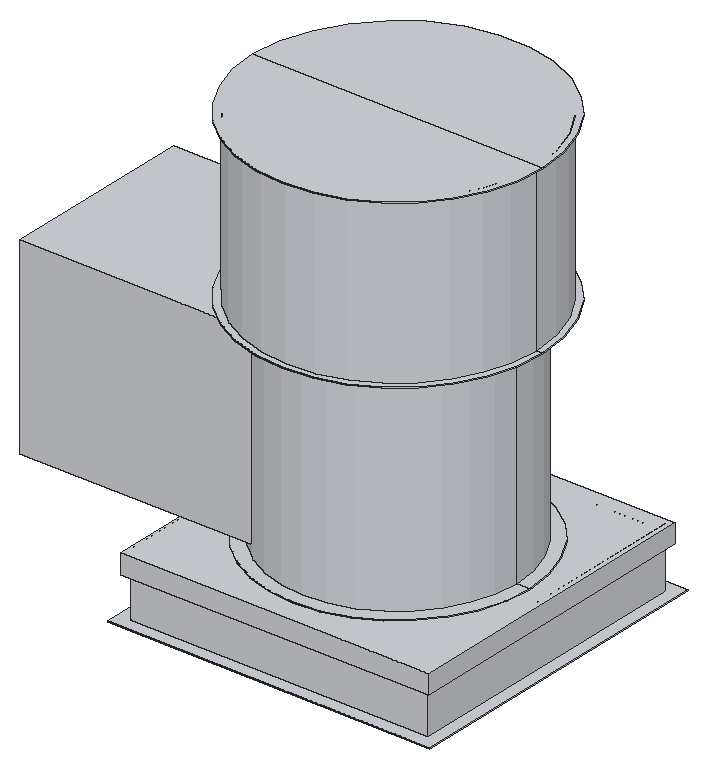
Revit family "AFB-S_Roof_Exhauster", category Mechanical Equipment, Revit 2019
Family settings
  Round Connector Dimension = Use Diameter
  Part Type = Normal
  Work Plane-Based = No
  Always vertical = Yes
  Cut with Voids When Loaded = No
  Shared = No
  Room Calculation Point = No
Parameters (values of type "36_AFB-S_ROOF_EXHAUSTER")
  Unit Weight [instance] = ""
  UP_A-E-3" = UP_A - E - 0' 3"  # 2' - 2"
  UP_A = 5' - 3"
  T_SQ = 4' - 0"
  RO/2 = RO / 2  # 1' - 9 3/4"
  RO = T_SQ - 0' 4 1/2"  # 3' - 7 1/2"
  ModelID [instance] = ""
  L/2 = L / 2  # 1' - 3 17/32"
  L = 2' - 7 1/16"
  K/2 = K / 2  # 0' - 0 7/32"
  K = 0' - 0 7/16"
  J/2 = J / 2  # 1' - 9 31/32"
  CURB_HEIGHT [instance] = 0' - 9 1/2"
  CURB [instance] = yes
  B/2*1.1 = B / 2 * 1.1  # 1' - 10.75625"
  Accessories [instance] = ""
  45 = 45.00°  # constant formula
  (T_SQ+.125")/2 = (T_SQ + 0' 0 1/4") / 2  # 2' - 0 1/8"
  (L-1")/2 = (L - 0' 1") / 2  # 1' - 3 1/32"
  (J+(J-A))/2 = (J + ((J - A) / 2)) / 2  # 1' - 11 45/64"
  J = 3' - 7 15/16"
  CENTER = 0' - 0"  # constant formula
  H-(A/2) = H - (A / 2)  # 2' - 4 3/4"
  H+J = H + CENTER  # 3' - 11 1/4"
  H = 3' - 11 1/4"
  Sones [instance] = ""
  Motor RPM [instance] = ""
  Motor Enclosure [instance] = ""
  LwA [instance] = ""
  G = 6' - 0"
  Fan RPM [instance] = ""
  F/2 = F / 2  # 0' - 0 7/32"
  F = 0' - 0 7/16"
  E/2 = E / 2  # 1' - 5"
  E-2" = E - 0' 2"  # 2' - 8"
  E = 2' - 10"
  C/2+J = C / 2 + CENTER  # 1' - 7 1/2"
  C/2 = C / 2  # 1' - 7 1/2"
  C = 3' - 3"
  B/2 = B / 2  # 1' - 8 11/16"
  B = 3' - 5 3/8"
  A/3 = A / 2.5  # 1' - 2.8"
  A/2 = A / 2  # 1' - 6 1/2"
  A = 3' - 1"
  60 = 60.00°  # constant formula
  30 = 30.00°  # constant formula
  3" = 0' - 3"  # constant formula
  Brake Hp [instance] = ""
  4" = 0' - 4"  # constant formula
  2' = 2' - 0"
  2" = 0' - 2"  # constant formula
  1" = 0' - 1"  # constant formula
  0 = 0' - 0"  # constant formula
  Voltage [instance] = 0 V
  URL = "www.lorencook.com"
  Type Comments = "Tube Axial Fan Stainless Steel Construction Roof Exhauster Belt Drive Arrangement 9"  # constant formula
  Static Pressure [instance] = 0.00 in-wg
  Power [instance] = Voltage * Motor FLA * sqrt(if(Phase = 3, 3, 1))  # 0 VA
  Phase [instance] = 0
  Number of Poles [instance] = 1
  Motor Hp [instance] = "0"
  Motor FLA [instance] = 0 A
  Model = "AFB-S"  # constant formula
  Manufacturer = "Loren Cook Company"
  CFM [instance] = 0 CFM
  1.5 = 0' - 1 1/2"  # constant formula
  ONE EIGTH = 0' - 0 1/8"  # constant formula
  -E/2 = -E / 2  # -1' - 5"
  -(E-.25")/2 = -(E - 0' 0 1/4") / 2  # -1' - 4 7/8"
  (K/2)-((J-A-.25")/2) = (K / 2) - ((J - A - 0' 0 1/4") / 2)  # -0' - 3 1/8"
  (J-A-.25") = (J - A - 0' 0 1/4")  # 0' - 6 11/16"
  (H-(A/2))/2 = (H - (A / 2)) / 2  # 1' - 2 3/8"
  (E-.25")/2 = (E - 0' 0 1/4") / 2  # 1' - 4 7/8"
  (A+.25")/2 = (A + 0' 0 1/4") / 2  # 1' - 6 5/8"
Types (10): name | UP_A-E-3" | UP_A | T_SQ | RO/2 | RO | L/2 | L | K/2 | K | J/2 | B/2*1.1 | (T_SQ+.125")/2 | (L-1")/2 | (J+(J-A))/2 | J | H-(A/2) | H+J | H | F/2 | F | E/2 | E-2" | E | C/2+J | C/2 | C | B/2 | B | A/3 | A/2 | A | -E/2 | -(E-.25")/2 | (K/2)-((J-A-.25")/2) | (J-A-.25") | (H-(A/2))/2 | (E-.25")/2 | (A+.25")/2
  (no name) | 2' - 2" | 5' - 3" | 4' - 0" | 1' - 9 3/4" | 3' - 7 1/2" | 1' - 3 17/32" | 2' - 7 1/16" | 0' - 0 7/32" | 0' - 0 7/16" | 1' - 9 31/32" | 1' - 10.75625" | 2' - 0 1/8" | 1' - 3 1/32" | 1' - 11 45/64" | 3' - 7 15/16" | 2' - 4 3/4" | 3' - 11 1/4" | 3' - 11 1/4" | 0' - 0 7/32" | 0' - 0 7/16" | 1' - 5" | 2' - 8" | 2' - 10" | 1' - 7 1/2" | 1' - 7 1/2" | 3' - 3" | 1' - 8 11/16" | 3' - 5 3/8" | 1' - 2.8" | 1' - 6 1/2" | 3' - 1" | -1' - 5" | -1' - 4 7/8" | -0' - 3 1/8" | 0' - 6 11/16" | 1' - 2 3/8" | 1' - 4 7/8" | 1' - 6 5/8"
  12_AFB-S_ROOF_EXHAUSTER | 0' - 11" | 3' - 0" | 1' - 10" | 0' - 8 3/4" | 1' - 5 1/2" | 0' - 6 3/8" | 1' - 0 3/4" | 0' - 0 3/16" | 0' - 0 3/8" | 0' - 9 1/32" | 0' - 8 19/32" | 0' - 11 1/8" | 0' - 5 7/8" | 0' - 10 21/64" | 1' - 6 1/16" | 1' - 6 3/16" | 2' - 0 5/8" | 2' - 0 5/8" | 0' - 0 5/32" | 0' - 0 5/16" | 0' - 11" | 1' - 8" | 1' - 10" | 0' - 7 5/16" | 0' - 7 5/16" | 1' - 2 5/8" | 0' - 7 13/16" | 1' - 3 5/8" | 0' - 5.15" | 0' - 6 7/16" | 1' - 0 7/8" | -0' - 11" | -0' - 10 7/8" | -0' - 2 9/32" | 0' - 4 15/16" | 0' - 9 3/32" | 0' - 10 7/8" | 0' - 6 9/16"
  16_AFB-S_ROOF_EXHAUSTER | 0' - 11" | 3' - 3" | 2' - 2" | 0' - 10 3/4" | 1' - 9 1/2" | 0' - 7 13/16" | 1' - 3 5/8" | 0' - 0 3/16" | 0' - 0 3/8" | 0' - 11 1/32" | 0' - 10.79375" | 1' - 1 1/8" | 0' - 7 5/16" | 1' - 0 21/64" | 1' - 10 1/16" | 1' - 9 11/16" | 2' - 6 1/8" | 2' - 6 1/8" | 0' - 0 5/32" | 0' - 0 5/16" | 1' - 0 1/2" | 1' - 11" | 2' - 1" | 0' - 9 5/16" | 0' - 9 5/16" | 1' - 6 5/8" | 0' - 9 13/16" | 1' - 7 5/8" | 0' - 6 3/4" | 0' - 8 7/16" | 1' - 4 7/8" | -1' - 0 1/2" | -1' - 0 3/8" | -0' - 2 9/32" | 0' - 4 15/16" | 0' - 10 27/32" | 1' - 0 3/8" | 0' - 8 9/16"
  18_AFB-S_ROOF_EXHAUSTER | 1' - 7" | 3' - 11" | 2' - 4" | 0' - 11 3/4" | 1' - 11 1/2" | 0' - 8 1/2" | 1' - 5" | 0' - 0 3/16" | 0' - 0 3/8" | 1' - 0 1/32" | 0' - 11.89375" | 1' - 2 1/8" | 0' - 8" | 1' - 1 21/64" | 2' - 0 1/16" | 1' - 9 11/16" | 2' - 7 1/8" | 2' - 7 1/8" | 0' - 0 5/32" | 0' - 0 5/16" | 1' - 0 1/2" | 1' - 11" | 2' - 1" | 0' - 10 5/16" | 0' - 10 5/16" | 1' - 8 5/8" | 0' - 10 13/16" | 1' - 9 5/8" | 0' - 7.55" | 0' - 9 7/16" | 1' - 6 7/8" | -1' - 0 1/2" | -1' - 0 3/8" | -0' - 2 9/32" | 0' - 4 15/16" | 0' - 10 27/32" | 1' - 0 3/8" | 0' - 9 9/16"
  24_AFB-S_ROOF_EXHAUSTER | 1' - 8" | 4' - 6" | 3' - 0" | 1' - 3 3/4" | 2' - 7 1/2" | 0' - 10 7/8" | 1' - 9 3/4" | 0' - 0 3/16" | 0' - 0 3/8" | 1' - 3 13/32" | 1' - 4.01875" | 1' - 6 1/8" | 0' - 10 3/8" | 1' - 4 57/64" | 2' - 6 13/16" | 2' - 3 7/16" | 3' - 3 7/8" | 3' - 3 7/8" | 0' - 0 7/32" | 0' - 0 7/16" | 1' - 3 1/2" | 2' - 5" | 2' - 7" | 1' - 1 7/16" | 1' - 1 7/16" | 2' - 2 7/8" | 1' - 2 9/16" | 2' - 5 1/8" | 0' - 9.95" | 1' - 0 7/16" | 2' - 0 7/8" | -1' - 3 1/2" | -1' - 3 3/8" | -0' - 2 21/32" | 0' - 5 11/16" | 1' - 1 23/32" | 1' - 3 3/8" | 1' - 0 9/16"
  28_AFB-S_ROOF_EXHAUSTER | 1' - 8" | 4' - 6" | 3' - 6" | 1' - 6 3/4" | 3' - 1 1/2" | 1' - 0 5/16" | 2' - 0 5/8" | 0' - 0 3/16" | 0' - 0 3/8" | 1' - 5 13/32" | 1' - 6 7/32" | 1' - 9 1/8" | 0' - 11 13/16" | 1' - 6 57/64" | 2' - 10 13/16" | 2' - 3 7/16" | 3' - 5 7/8" | 3' - 5 7/8" | 0' - 0 7/32" | 0' - 0 7/16" | 1' - 3 1/2" | 2' - 5" | 2' - 7" | 1' - 3 7/16" | 1' - 3 7/16" | 2' - 6 7/8" | 1' - 4 9/16" | 2' - 9 1/8" | 0' - 11.55" | 1' - 2 7/16" | 2' - 4 7/8" | -1' - 3 1/2" | -1' - 3 3/8" | -0' - 2 21/32" | 0' - 5 11/16" | 1' - 1 23/32" | 1' - 3 3/8" | 1' - 2 9/16"
  32_AFB-S_ROOF_EXHAUSTER | 2' - 2" | 5' - 3" | 3' - 6" | 1' - 6 3/4" | 3' - 1 1/2" | 1' - 2 1/8" | 2' - 4 1/4" | 0' - 0 7/32" | 0' - 0 7/16" | 1' - 7 31/32" | 1' - 8.4875" | 1' - 9 1/8" | 1' - 1 5/8" | 1' - 9 45/64" | 3' - 3 15/16" | 2' - 4 3/4" | 3' - 9 1/4" | 3' - 9 1/4" | 0' - 0 7/32" | 0' - 0 7/16" | 1' - 5" | 2' - 8" | 2' - 10" | 1' - 5 1/2" | 1' - 5 1/2" | 2' - 11" | 1' - 6 5/8" | 3' - 1 1/4" | 1' - 1.2" | 1' - 4 1/2" | 2' - 9" | -1' - 5" | -1' - 4 7/8" | -0' - 3 1/8" | 0' - 6 11/16" | 1' - 2 3/8" | 1' - 4 7/8" | 1' - 4 5/8"
  36_AFB-S_ROOF_EXHAUSTER | 2' - 2" | 5' - 3" | 4' - 0" | 1' - 9 3/4" | 3' - 7 1/2" | 1' - 3 17/32" | 2' - 7 1/16" | 0' - 0 7/32" | 0' - 0 7/16" | 1' - 9 31/32" | 1' - 10.75625" | 2' - 0 1/8" | 1' - 3 1/32" | 1' - 11 45/64" | 3' - 7 15/16" | 2' - 4 3/4" | 3' - 11 1/4" | 3' - 11 1/4" | 0' - 0 7/32" | 0' - 0 7/16" | 1' - 5" | 2' - 8" | 2' - 10" | 1' - 7 1/2" | 1' - 7 1/2" | 3' - 3" | 1' - 8 11/16" | 3' - 5 3/8" | 1' - 2.8" | 1' - 6 1/2" | 3' - 1" | -1' - 5" | -1' - 4 7/8" | -0' - 3 1/8" | 0' - 6 11/16" | 1' - 2 3/8" | 1' - 4 7/8" | 1' - 6 5/8"
  14_AFB-S_ROOF_EXHAUSTER | 0' - 11" | 3' - 0" | 1' - 10" | 0' - 8 3/4" | 1' - 5 1/2" | 0' - 7 3/32" | 1' - 2 3/16" | 0' - 0 3/16" | 0' - 0 3/8" | 0' - 10 1/32" | 0' - 9.72813" | 0' - 11 1/8" | 0' - 6 19/32" | 0' - 11 21/64" | 1' - 8 1/16" | 1' - 6 3/16" | 2' - 1 5/8" | 2' - 1 5/8" | 0' - 0 5/32" | 0' - 0 5/16" | 0' - 11" | 1' - 8" | 1' - 10" | 0' - 8 5/16" | 0' - 8 5/16" | 1' - 4 5/8" | 0' - 8 27/32" | 1' - 5 11/16" | 0' - 5.95" | 0' - 7 7/16" | 1' - 2 7/8" | -0' - 11" | -0' - 10 7/8" | -0' - 2 9/32" | 0' - 4 15/16" | 0' - 9 3/32" | 0' - 10 7/8" | 0' - 7 9/16"
  20_AFB-S_ROOF_EXHAUSTER | 1' - 8" | 4' - 6" | 3' - 0" | 1' - 3 3/4" | 2' - 7 1/2" | 0' - 9 5/16" | 1' - 6 5/8" | 0' - 0 3/16" | 0' - 0 3/8" | 1' - 1 5/32" | 1' - 1.02812" | 1' - 6 1/8" | 0' - 8 13/16" | 1' - 2 33/64" | 2' - 2 5/16" | 1' - 9 11/16" | 2' - 8 1/8" | 2' - 8 1/8" | 0' - 0 5/32" | 0' - 0 5/16" | 1' - 3 1/2" | 2' - 5" | 2' - 7" | 0' - 11 3/16" | 0' - 11 3/16" | 1' - 10 3/8" | 0' - 11 27/32" | 1' - 11 11/16" | 0' - 8.35" | 0' - 10 7/16" | 1' - 8 7/8" | -1' - 3 1/2" | -1' - 3 3/8" | -0' - 2 13/32" | 0' - 5 3/16" | 0' - 10 27/32" | 1' - 3 3/8" | 0' - 10 9/16"
Reference planes (in)
  plane 1 "Center (Front/Back)": y = 0
  plane 2: z = 0
  plane 3 "Center (Left/Right)": x = 0.40541
Forms (in)
  Revolve 1, solid
    sketch origin (0, 0, 0) x (1, 0, 0) y (0, 0, 1)
      loop
        line (0.40541, 3) -> (21.09291, 3) -> (21.09291, 3.125) -> (19.03041, 3.125) -> (19.03041, 36.875) -> (21.09291, 36.875) -> (21.09291, 37) -> (0.40541, 37) -> (0.40541, 3)
      axis (0.40541, 3) -> (0.40541, 37)
    angle from 0 to 360
  Extrusion 2, solid
    sketch origin (0.40541, 0, 36.875) x (1, 0, 0) y (0, -1, 0)
      loop
        arc (-10.99782, -15.03125) -> (-18.625, 0) -> (-10.99782, 15.03125) r 18.625
        line (-10.99782, 15.03125) -> (-47.25, 15.03125) -> (-47.25, -15.03125) -> (-10.99782, -15.03125)
    from 32 <- "E-2"" to 2
  Extrusion 3, void
    sketch origin (0, 0, 0) x (1, 0, 0) y (0, 1, 0)
      loop
        circle (0.40541, 0) r 0.125
    from -17 <- "-E/2" to 17 <- "E/2"
  Extrusion 4, solid
    sketch origin (0, 0, 0) x (1, 0, 0) y (0, 1, 0)
      loop
        line (-23.71959, 24.125) -> (-23.71959, -24.125) -> (24.53041, -24.125) -> (24.53041, 24.125) -> (-23.71959, 24.125)
    from 0 to 3
  Extrusion 5, void
    sketch origin (0, 0, 0) x (1, 0, 0) y (0, 1, 0)
      loop
        line (-23.59459, 24) -> (-23.59459, -24) -> (24.40541, -24) -> (24.40541, 24) -> (-23.59459, 24)
    from 0 to 2.875
  Revolve 6, solid
    sketch origin (0, 0, 0) x (1, 0, 0) y (0, 0, 1)
      loop
        line (0.40541, 36.875) -> (23.16166, 36.875) -> (23.16166, 37) -> (22.16166, 37) -> (22.16166, 62.875) -> (23.16166, 62.875) -> (23.16166, 63) -> (0.40541, 63) -> (0.40541, 36.875)
      axis (0.40541, 63) -> (0.40541, 36.875)
    angle from 0 to 360
  Extrusion 7, solid, visible <- "CURB"
    sketch origin (0, 0, 2.875) x (0, 1, 0) y (1, 0, 0)
      loop
        line (21.75, -21.34459) -> (21.75, 22.15541) -> (-21.75, 22.15541) -> (-21.75, -21.34459) -> (21.75, -21.34459)
      loop
        line (-23.25, 23.65541) -> (-23.25, -22.84459) -> (23.25, -22.84459) -> (23.25, 23.65541) -> (-23.25, 23.65541)
    from 0 to 9.5 <- "CURB_HEIGHT"
  Extrusion 8, solid, visible <- "CURB"
    sketch origin (0, 0, -6.625) x (-1, 0, 0) y (0, 1, 0)
      loop
        line (22.84459, -23.25) -> (22.84459, 23.25) -> (-23.65541, 23.25) -> (-23.65541, -23.25) -> (22.84459, -23.25)
      loop
        line (-25.65541, 25.25) -> (-25.65541, -25.25) -> (24.84459, -25.25) -> (24.84459, 25.25) -> (-25.65541, 25.25)
    from 0 to -0.125
Cuts and joins
  Extrusion 3 cuts Revolve 1
  Extrusion 3 cuts Extrusion 2
  Extrusion 5 cuts Extrusion 4
Dimensions and locks (in)
  "0": Revolve 1 sketch curve to plane 3 "Center (Left/Right)"  (x2)
  "(A+.25")/2": Revolve 1 sketch curve to plane 3 "Center (Left/Right)"
  "B/2": Revolve 1 sketch curve to plane 3 "Center (Left/Right)"  (x2)
  "ONE EIGTH": Revolve 1 sketch curve to Revolve 1 sketch curve  (x2)
  "E": Revolve 1 sketch curve to Revolve 1 sketch curve
  "3"": Revolve 1 sketch curve to level
  "H": Extrusion 2 sketch curve to plane 3 "Center (Left/Right)"
  "(L-1")/2": Extrusion 2 sketch curve to plane 1 "Center (Front/Back)"  (x2)
  "0": Extrusion 2 sketch curve to plane 3 "Center (Left/Right)"
  "0": Extrusion 2 sketch curve to plane 1 "Center (Front/Back)"
  "0": Extrusion 3 sketch curve to plane 3 "Center (Left/Right)"
  "0": plane 1 "Center (Front/Back)" to Extrusion 3 sketch curve
  "(T_SQ+.125")/2": Extrusion 4 sketch curve to plane 3 "Center (Left/Right)"
  "(T_SQ+.125")/2": plane 3 "Center (Left/Right)" to Extrusion 4 sketch curve
  "(T_SQ+.125")/2": plane 1 "Center (Front/Back)" to Extrusion 4 sketch curve
  "(T_SQ+.125")/2": Extrusion 4 sketch curve to plane 1 "Center (Front/Back)"
  "ONE EIGTH": Extrusion 5 sketch curve to Extrusion 4  (x3)
  "ONE EIGTH": Extrusion 4 to Extrusion 5 sketch curve
  "UP_A": Revolve 6 sketch curve to level
  "0": Revolve 6 sketch curve to cut or joined group of Revolve 1, Extrusion 3
  "0": Revolve 6 sketch curve to plane 3 "Center (Left/Right)"  (x2)
  "B/2*1.1": Revolve 6 sketch curve to plane 3 "Center (Left/Right)"  (x2)
  "ONE EIGTH": Revolve 6 sketch curve to Revolve 6 sketch curve  (x2)
  "1"": Revolve 6 sketch curve to Revolve 6 sketch curve  (x2)
  "1.5": Extrusion 7 sketch curve to Extrusion 7 sketch curve  (x4)
  "RO/2": Extrusion 7 sketch curve to plane 3 "Center (Left/Right)"
  "RO/2": plane 3 "Center (Left/Right)" to Extrusion 7 sketch curve
  "RO/2": plane 1 "Center (Front/Back)" to Extrusion 7 sketch curve
  "RO/2": Extrusion 7 sketch curve to plane 1 "Center (Front/Back)"
  "2"": Extrusion 8 sketch curve to Extrusion 8 sketch curve  (x4)
  "0": Extrusion 8 sketch curve to Extrusion 7  (x3)
  "0": Extrusion 7 to Extrusion 8 sketch curve
  "(A+.25")/2": radius of Extrusion 2 sketch curve
  "ONE EIGTH": radius of Extrusion 3 sketch curve
Automatic sketch dimensions
  Extrusion 2 sketch curve to Extrusion 2 sketch curve = 0' - 0"
  Revolve 1 sketch curve to Revolve 1 sketch curve = 0' - 0"
  Revolve 1 sketch curve to Revolve 1 sketch curve = 1' - 6"
  Revolve 6 sketch curve to Revolve 6 sketch curve = 0' - 6"
  Revolve 6 sketch curve to Revolve 6 sketch curve = 1' - 4"
Connectors (in)
  electrical at (-28.7185, -15.03125, 19.875)
    settings: on Extrusion 2, index 1, voltage 0 V, apparent load 0 VA, apparent load phase1 0 VA, apparent load phase2 0 VA, apparent load phase3 0 VA, power factor 1, load classification "Other", number of poles 1, system type 30, power factor state 1, is connector primary yes, connector utility no, sub classification motor no, connector description ""
  hvac at (0.40541, 0, 2.875), driven by "CFM", driven by "RO", driven by "RO"
    settings: on cut or joined group of Extrusion 4, Extrusion 5, index 2, duct flow 0 CFM, flow factor 0, pres drop 0.00 in-wg, loss coef 0, conn angle 0.00°, conn width 43 1/2", conn height 43 1/2", conn diameter 24", duct sys type 3, conn prof type 1, flow config 0, flow direction 1, loss method 0, conn ref index -1, conn util no, is conn primary yes, conn desc ""
